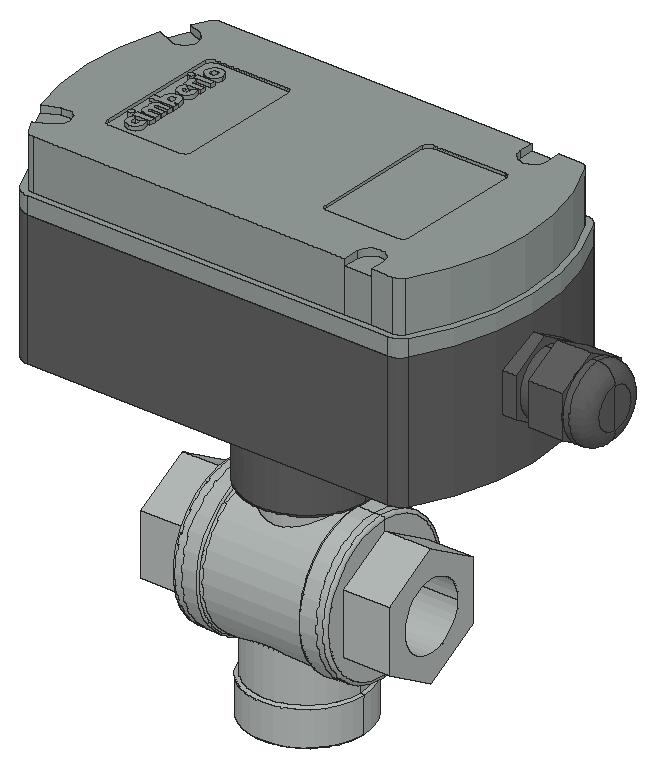
Revit family "QD34000000", category Apparecchi idraulici, Revit 2020
Family settings
  Quota connettore circolare = Usa diametro
  Tipo di parte = Normale
  Numero OmniClass = 23.45.00.00
  Titolo OmniClass = Sanitary, Laundry, and Cleaning Equipment
  Basato su piano di lavoro = No
  Sempre verticale = Sì
  Taglio con vuoti quando caricato = No
  Condiviso = No
  Punto di calcolo locali = No
Parameters
  URL = "https://web.cimberio.it/index.php/figura/630?subcategoria_id=74926"
  Temperatura di esercizio = "-20 ÷ 150°C"
  Prospetto di default = 0 mm
  Produttore = "CIMBERIO SPA"
  Pressione nominale = "PN 40"
  Modello = "Cim 710"
  Materiale = "Prodotto in lega di ottone conforme alla norma EN 12165-CW617N-DW"
  Descrizione = "Utilizzato nei più svariati settori dell'impiantistica: impianti di riscaldamento, condizionamento, idrici, igienico-sanitari, aria compressa e in generale con ogni fluido non corrosivo.\r\nParticolarmente indicato come valvola di zona per la regolazione e contabilizzazione di impianti di riscaldamento singoli o a zone, impianti con utilizzazione di energie alternative, impianti con fluidi caldi o freddi e impianti di automazione in genere."
  DN Model [instance] = QD34001020 : QD34001020
  DN [instance] = 20 mm
  Commenti sul tipo = "Realizzato in ottemperanza ai requisiti gestionali della norma EN ISO 9001.\r\nCollaudato al 100% secondo la normativa EN 12266-1."
Reference planes
  plane 1 "Centro (Fronte/Retro)": y = 0
  plane 2: z = 0
  plane 3 "Centro (Sinistra/Destra)": x = 0
Dimensions and locks
  aligned and locked: level to plane 2
Nested families
  nested 1: "QD34001020" at (0, 0, 0), type <- "DN Model", type "QD34001020"
  nested 2: "QD34001020" at (0, 0, 0), type <- "DN Model", type "QD34001020"
  nested 3: "QD34001020" at (0, 0, 0), type <- "DN Model", type "QD34001020"
  nested 4: "QD34001020" at (0, 0, 0), type <- "DN Model", type "QD34001020"
  nested 5: "QD34001020" at (0, 0, 0), type <- "DN Model", type "QD34001020"
  nested 6: "QD34001020" at (0, 0, 0), type <- "DN Model", type "QD34001020"
  nested 7: "QD34001020" at (0, 0, 0), type <- "DN Model", type "QD34001020"
  nested 8: "QD34001020" at (0, 0, 0), type <- "DN Model", type "QD34001020"
Connectors
  piping at (37.104, 0, 0), diameter 20, driven by "DN"
    settings: on nested 1, index 1, connector inside diameter 609.6 mm, connector length 0 mm, flow factor 0, pipe flow 0.0 L/s, pressure drop 0.0 Pa, fitting loss kfactor 0, connector angle 0.00°, fixture units 0, engagement length 0 mm, angle of deflection 0.00°, flow configuration 0, flow direction 0, fitting loss method 0, system type 7, joint type 0, gender type 0, connector reference index -1, connector utility 0, adjustable connector no, is connector primary yes, connector description ""
  piping at (-37.104, 0, 0), diameter 20, driven by "DN"
    settings: on nested 1, index 2, connector inside diameter 609.6 mm, connector length 0 mm, flow factor 0, pipe flow 0.0 L/s, pressure drop 0.0 Pa, fitting loss kfactor 0, connector angle 0.00°, fixture units 0, engagement length 0 mm, angle of deflection 0.00°, flow configuration 0, flow direction 0, fitting loss method 0, system type 7, joint type 0, gender type 0, connector reference index -1, connector utility 0, adjustable connector no, is connector primary no, connector description ""
  piping at (0, 0, -39.2), diameter 20, driven by "DN"
    settings: on nested 1, index 3, connector inside diameter 609.6 mm, connector length 0 mm, flow factor 0, pipe flow 0.0 L/s, pressure drop 0.0 Pa, fitting loss kfactor 0, connector angle 0.00°, fixture units 0, engagement length 0 mm, angle of deflection 0.00°, flow configuration 0, flow direction 0, fitting loss method 0, system type 7, joint type 0, gender type 0, connector reference index -1, connector utility 0, adjustable connector no, is connector primary no, connector description ""
Definition of nested family "QD34001020"
  Parameters (values of type "QD34001020")
    URL = "https://web.cimberio.it/index.php/figura/394?subcategoria_id="
    Temperatura di esercizio = "-10 ÷ 95°C"
    Default Elevation = 0 mm
    Manufacturer = "CIMBERIO SPA"
    Pressione nominale = "PN 16"
    Model = "Cim 32"
    Materiale = "Prodotto in lega di ottone conforme alla norma EN 12165-CW617N-DW"
    Description = "Impiegato nei più svariati settori dell'impiantistica in condutture anti-ritorno per: reti di distribuzione acqua potabile, impianti di riscaldamento, condizionamento, igienico-sanitari e in generale con ogni fluido non corrosivo."
    DN [instance] = 50 mm
    Type Comments = "Realizzato in ottemperanza ai requisiti gestionali della norma EN ISO 9001.\r\nCollaudato al 100% secondo la normativa EN 12266-1"
  Reference planes
    plane 1 "Centro (Fronte/Retro)": y = 0
    plane 2: z = 0
    plane 3 "Centro (Sinistra/Destra)": x = 0
  Forms (mm)
    Revolve 1, solid
      sketch origin (0, 0, 0) x (1, 0, 0) y (0, 0, 1)
        loop
          line (11.504, 21.487) -> (11.504, 37.805) -> (0, 37.805) -> (0, 8.315) -> (12.31, 8.315) -> (12.31, 20.681)
          arc (12.31, 20.681) -> (11.74, 20.917) -> (11.504, 21.487) r 0.806
        axis (0, 37.805) -> (0, 8.315)
      angle from 0 to 360
    Extrusion 2, solid
      sketch origin (0, 0, 6.5) x (1, 0, 0) y (0, 0, 1)
        loop
          line (-16, 34.091) -> (-16, 17.197) -> (-11, 17.197) -> (-11, 34.091) -> (-16, 34.091)
      from -0.812 to 0.713
    Revolve 3, solid
      sketch origin (0, 0, 0) x (1, 0, 0) y (0, 0, 1)
        loop
          line (0, 51.8) -> (0, 36.671) -> (3.652, 36.671) -> (3.652, 23.3) -> (16.983, 23.3)
          arc (16.983, 23.3) -> (17.427, 23.419) -> (17.69, 23.796) r 0.672
          line (17.69, 23.796) -> (17.955, 46.8) -> (19, 46.8)
          arc (19, 46.8) -> (19.707, 47.093) -> (20, 47.8) r 1
          line (20, 47.8) -> (20, 51.8) -> (0, 51.8)
        axis (0, 51.8) -> (0, 23.3)
      angle from 0 to 360
    Extrusion 4, solid
      sketch origin (0, 0, 0) x (1, 0, 0) y (0, 1, 0)
        loop
          arc (-53.687, 37) -> (-56.156, 36.347) -> (-57.982, 34.56) r 5
          arc (-57.982, 34.56) -> (-67.5, 0) -> (-57.982, -34.56) r 67.5
          arc (-57.982, -34.56) -> (-56.156, -36.347) -> (-53.687, -37) r 5
          line (-53.687, -37) -> (53.687, -37)
          arc (53.687, -37) -> (56.156, -36.347) -> (57.982, -34.56) r 5
          arc (57.982, -34.56) -> (67.5, 0) -> (57.982, 34.56) r 67.5
          arc (57.982, 34.56) -> (56.156, 36.347) -> (53.687, 37) r 5
          line (53.687, 37) -> (-53.687, 37)
      from 51.8 to 91.8
    Extrusion 5, solid
      sketch origin (0, 0, 40) x (1, 0, 0) y (0, 1, 0)
        loop
          arc (-53.687, 37) -> (-56.156, 36.347) -> (-57.982, 34.56) r 5
          arc (-57.982, 34.56) -> (-67.5, 0) -> (-57.982, -34.56) r 67.5
          arc (-57.982, -34.56) -> (-56.156, -36.347) -> (-53.687, -37) r 5
          line (-53.687, -37) -> (53.687, -37)
          arc (53.687, -37) -> (56.156, -36.347) -> (57.982, -34.56) r 5
          arc (57.982, -34.56) -> (67.5, 0) -> (57.982, 34.56) r 67.5
          arc (57.982, 34.56) -> (56.156, 36.347) -> (53.687, 37) r 5
          line (53.687, 37) -> (-53.687, 37)
      from 51.8 to 56.8
    Extrusion 6, solid
      sketch origin (0, 0, 0) x (1, 0, 0) y (0, 1, 0)
        loop
          arc (-53.687, 35) -> (-55.168, 34.608) -> (-56.264, 33.536) r 3
          arc (-56.264, 33.536) -> (-57.395, 31.561) -> (-58.457, 29.547) r 65.5
          arc (-58.457, 29.547) -> (-60.152, 25.922) -> (-61.623, 22.2) r 65.5
          arc (-61.623, 22.2) -> (-65.5, 0) -> (-61.623, -22.2) r 65.5
          arc (-61.623, -22.2) -> (-60.152, -25.922) -> (-58.457, -29.547) r 65.5
          arc (-58.457, -29.547) -> (-57.395, -31.561) -> (-56.264, -33.536) r 65.5
          arc (-56.264, -33.536) -> (-55.168, -34.608) -> (-53.687, -35) r 3
          line (-53.687, -35) -> (39.293, -35) -> (47.293, -35) -> (53.687, -35)
          arc (53.687, -35) -> (55.168, -34.608) -> (56.264, -33.536) r 3
          arc (56.264, -33.536) -> (65.5, 0) -> (56.264, 33.536) r 65.5
          arc (56.264, 33.536) -> (55.168, 34.608) -> (53.687, 35) r 3
          line (53.687, 35) -> (47.293, 35) -> (39.293, 35) -> (-53.687, 35)
      from 96.8 to 111.8
    Extrusion 7, solid
      sketch origin (0, 0, 74.844) x (0, 1, 0) y (0, 0, 1)
        loop
          line (0, 11.95) -> (-10.349, 5.975) -> (-10.349, -5.975) -> (0, -11.95) -> (10.349, -5.975) -> (10.349, 5.975) -> (0, 11.95)
      from 53.687 to 71
    Revolve 8, solid
      sketch origin (0, 0, 0) x (1, 0, 0) y (0, 0, 1)
        loop
          line (71, 84.3) -> (71, 79.687) -> (75, 79.687) -> (75, 84.3) -> (71, 84.3)
        axis (71, 74.844) -> (75, 74.844)
      angle from 0 to 360
    Extrusion 9, solid
      sketch origin (0, 0, 0) x (0, 1, 0) y (0, 0, 1)
        loop
          line (0, 87.344) -> (-10.825, 81.094) -> (-10.825, 68.594) -> (0, 62.344) -> (10.825, 68.594) -> (10.825, 81.094) -> (0, 87.344)
      from 75 to 85
    Revolve 10, solid
      sketch origin (0, 0, 0) x (1, 0, 0) y (0, 0, 1)
        loop
          line (92, 74.844) -> (92, 80.8)
          arc (92, 80.8) -> (90.535, 84.336) -> (86.998, 85.8) r 5
          line (86.998, 85.8) -> (85, 85.8) -> (85, 74.844) -> (92, 74.844)
        axis (85, 74.844) -> (92, 74.844)
      angle from 0 to 360
    Extrusion 11, void
      sketch origin (0, 0, 0) x (1, 0, 0) y (0, 1, 0)
        loop
          arc (-57.295, 20.329) -> (-52.036, 22.412) -> (-54.12, 27.671) r 4
          line (-54.12, 27.671) -> (-59.289, 29.907) -> (-62.465, 22.564) -> (-57.295, 20.329)
        loop
          arc (-54.12, -27.671) -> (-52.036, -22.412) -> (-57.295, -20.329) r 4
          line (-57.295, -20.329) -> (-62.083, -22.399) -> (-58.908, -29.742) -> (-54.12, -27.671)
        loop
          arc (39.293, 30.5) -> (43.293, 26.5) -> (47.293, 30.5) r 4
          line (47.293, 30.5) -> (47.293, 35.946) -> (39.293, 35.946) -> (39.293, 30.5)
        loop
          line (39.293, -30.43) -> (39.293, -35) -> (47.293, -35) -> (47.293, -30.5)
          arc (47.293, -30.5) -> (43.293, -26.5) -> (39.293, -30.5) r 4
      from 109.8 to 117.274
    Extrusion 12, void
      sketch origin (0, 0, 0) x (1, 0, 0) y (0, 1, 0)
        loop
          line (-21.999, 20) -> (-43.001, 20)
          arc (-43.001, 20) -> (-44.415, 19.414) -> (-45, 18) r 2
          line (-45, 18) -> (-45, -18)
          arc (-45, -18) -> (-44.414, -19.415) -> (-42.999, -20) r 2
          line (-42.999, -20) -> (-21.999, -20)
          arc (-21.999, -20) -> (-20.585, -19.414) -> (-20, -18) r 2
          line (-20, -18) -> (-20, 18)
          arc (-20, 18) -> (-20.585, 19.414) -> (-21.999, 20) r 2
        loop
          arc (22.001, 20) -> (20.586, 19.415) -> (20, 18) r 2
          line (20, 18) -> (20, -18)
          arc (20, -18) -> (20.586, -19.415) -> (22.001, -20) r 2
          line (22.001, -20) -> (43.001, -20)
          arc (43.001, -20) -> (44.415, -19.414) -> (45, -18) r 2
          line (45, -18) -> (45, 18)
          arc (45, 18) -> (44.415, 19.414) -> (43.001, 20) r 2
          line (43.001, 20) -> (22.001, 20)
      from 111.039 to 121
    Extrusion 13, solid
      sketch origin (0, 0, 111.039) x (1, 0, 0) y (0, 1, 0)
        loop
          arc (-41.222, -13.089) -> (-39.283, -17.248) -> (-37.344, -13.089) r 2.531
          line (-37.344, -13.089) -> (-38.507, -14.066)
          arc (-38.507, -14.066) -> (-39.283, -15.729) -> (-40.058, -14.066) r 1.013
          line (-40.058, -14.066) -> (-41.222, -13.089)
        loop
          line (-36.751, -12.583) -> (-36.751, -11.064) -> (-41.814, -11.064) -> (-41.814, -12.583) -> (-36.751, -12.583)
        loop
          circle (-43.08, -11.824) r 0.861
        loop
          line (-36.751, -9.039) -> (-39.89, -9.039)
          arc (-39.89, -9.039) -> (-40.295, -8.634) -> (-39.89, -8.229) r 0.405
          line (-39.89, -8.229) -> (-36.751, -8.229) -> (-36.751, -6.711) -> (-39.89, -6.711)
          arc (-39.89, -6.711) -> (-40.295, -6.306) -> (-39.89, -5.901) r 0.405
          line (-39.89, -5.901) -> (-36.751, -5.901) -> (-36.751, -4.382) -> (-39.89, -4.382)
          arc (-39.89, -4.382) -> (-41.614, -5.451) -> (-41.422, -7.47) r 1.924
          arc (-41.422, -7.47) -> (-41.614, -9.489) -> (-39.89, -10.558) r 1.924
          line (-39.89, -10.558) -> (-36.751, -10.558) -> (-36.751, -9.039)
        loop
          line (-43.839, -3.876) -> (-36.751, -3.876) -> (-36.751, -2.357) -> (-37.544, -2.357) -> (-36.841, -2.013)
          arc (-36.841, -2.013) -> (-39.465, 1.18) -> (-41.603, -2.357) r 2.531
          line (-41.603, -2.357) -> (-43.839, -2.357) -> (-43.839, -3.876)
        loop
          circle (-39.283, -1.344) r 1.012
        loop
          arc (-41.013, 6.072) -> (-39.435, 1.698) -> (-37.344, 5.851) r 2.531
          line (-37.344, 5.851) -> (-38.507, 4.875)
          arc (-38.507, 4.875) -> (-38.282, 4.378) -> (-38.348, 3.836) r 1.013
          line (-38.348, 3.836) -> (-41.013, 6.072)
        loop
          line (-38.738, 3.371) -> (-40.218, 4.612)
          arc (-40.218, 4.612) -> (-39.934, 3.449) -> (-38.738, 3.371) r 1.013
        loop
          line (-36.751, 6.358) -> (-36.751, 7.876) -> (-40.426, 7.876)
          arc (-40.426, 7.876) -> (-41.131, 9.395) -> (-41.814, 7.867) r 0.92
          line (-41.814, 7.867) -> (-41.814, 6.358) -> (-36.751, 6.358)
        loop
          line (-36.751, 9.901) -> (-36.751, 11.42) -> (-41.814, 11.42) -> (-41.814, 9.901) -> (-36.751, 9.901)
        loop
          circle (-43.08, 10.661) r 0.861
        loop
          circle (-39.283, 14.458) r 2.531
        loop
          circle (-39.283, 14.458) r 1.012
      from 0 to 1
    Revolve 14, solid
      sketch origin (0, 0, 0) x (1, 0, 0) y (0, 0, 1)
        loop
          line (-23.1, -10) -> (-23.1, -20.75)
          arc (-23.1, -20.75) -> (-22.807, -21.458) -> (-22.099, -21.75) r 1
          line (-22.099, -21.75) -> (-20.1, -21.75) -> (-15.5, -22)
          arc (-15.5, -22) -> (-15.146, -21.854) -> (-15, -21.5) r 0.5
          arc (-15, -21.5) -> (-14.854, -21.146) -> (-14.5, -21) r 0.5
          line (-14.5, -21) -> (14.5, -21)
          arc (14.5, -21) -> (14.854, -21.146) -> (15, -21.5) r 0.5
          arc (15, -21.5) -> (15.146, -21.854) -> (15.5, -22) r 0.5
          line (15.5, -22) -> (20.1, -21.75) -> (22.101, -21.75)
          arc (22.101, -21.75) -> (22.808, -21.457) -> (23.1, -20.75) r 1
          line (23.1, -20.75) -> (23.1, -10) -> (-23.1, -10)
        axis (-23.1, 0) -> (23.1, 0)
      angle from 0 to 360
    Extrusion 15, solid
      sketch origin (0, 0, 0) x (0, 1, 0) y (0, 0, 1)
        loop
          circle (0, 0) r 10
        loop
          line (0, 18) -> (-15.588, 9) -> (-15.588, -9) -> (0, -18) -> (15.588, -9) -> (15.588, 9) -> (0, 18)
      from -37.104 to -23.1
    Revolve 16, solid
      sketch origin (0, 0, 3.4) x (0, 0, -1) y (1, 0, 0)
        loop
          line (13.382, -15.958) -> (31.296, -15.958) -> (31.9, -17.004) -> (42.1, -17.004) -> (42.6, -16.387) -> (42.6, -10) -> (13.382, -10) -> (13.382, -15.958)
        axis (13.382, 0) -> (42.6, 0)
      angle from 0 to 360
    Extrusion 17, solid
      sketch origin (0, 0, 0) x (0, 1, 0) y (0, 0, -1)
        loop
          circle (0, 0) r 10
        loop
          line (0, -18) -> (15.588, -9) -> (15.588, 9) -> (0, 18) -> (-15.588, 9) -> (-15.588, -9) -> (0, -18)
      from -37.104 to -23.1
  Cuts and joins
    Extrusion 11 cuts Extrusion 4
    Extrusion 11 cuts Extrusion 5
    Extrusion 11, Extrusion 12 cuts Extrusion 6
  Dimensions and locks
    aligned and locked: level to plane 2
